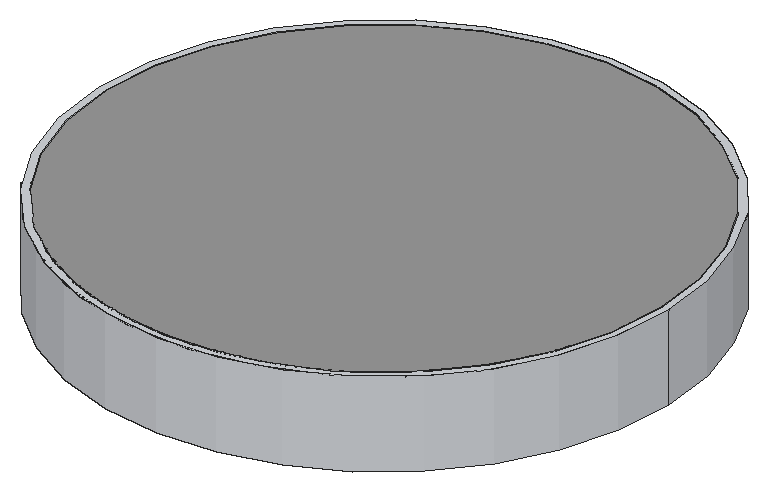
Revit family "2071335", category Lighting Fixtures, host Face, Revit 2018
Family settings
  Host = Face
  Round Connector Dimension = Use Diameter
  Part Type = Normal
  OmniClass Number = 23.80.70.00
  OmniClass Title = Lighting
  Cut with Voids When Loaded = No
  Light Source = Yes
  Shared = No
  Room Calculation Point = No
Parameters (values of type "2071335 COLOSSAL 400 HO 840 OP DIR+H WHT DALI")
  iner diameter = 390 mm
  Weight = "n/a"
  Wattage Comments = ""
  Wattage = 30 W
  WarrantyStartDate [instance] = "n/a"
  WarrantyGuarantorParts = "n/a"
  WarrantyDurationUnit = "n/a"
  WarrantyDurationParts = ""
  WarrantyDescription = "http://www.sylvania-lighting.com"
  built-in parameter 1150110 = 1 (stored number, unit not read)
  Voltage = 230 V
  URL = "0.95"
  TypeName = "COLOSSAL 400mm HO 840 OPAL DIR+HAL WHITE DALI"
  Type Image = <None>
  Type Comments = "n/a"
  built-in parameter 1114217 = 1 (stored number, unit not read)
  Tilt Angle = -90.00°
  built-in parameter 1150109 = 1 (stored number, unit not read)
  built-in parameter 1150134 = (empty or 0)
  built-in parameter 1150113 = 1 (stored number, unit not read)
  SerialNumber [instance] = "n/a"
  Photometric Web File = "2071335.ies"
  Material_3_SYL = LED-Sylvania
  PowerFactor = 0
  PowerConsumption = "Lighting"
  NominalLength = 400 mm
  NominalHeight = 93 mm
  NominalDepth = 400 mm
  Name = "COLOSSAL 400mm HO 840 OPAL DIR+HAL WHITE DALI"
  ModelReference = Name  # "COLOSSAL 400mm HO 840 OPAL DIR+HAL WHITE DALI"
  ModelNumber = "2071335"
  Model = Name  # "COLOSSAL 400mm HO 840 OPAL DIR+HAL WHITE DALI"
  Material = "Feilo Sylvania"
  ManufacturerName = "132 lm/W"
  Manufacturer = ""
  LuminousEfficacy = ""
  built-in parameter 1150105 = 270.44 (stored number, unit not read)
  Lumens = 3398.4 lm
  LuminaireType = "0"
  built-in parameter 1150115 = 1 (stored number, unit not read)
  LightOutputRatio = "LED"
  built-in parameter 1150137 = (empty or 0)
  built-in parameter 1150139 = (empty or 0)
  LampsType = Lamp  # "n/a"
  LampNominalLuminous = "4000 K"
  LampMacAdamStep = "80"
  LampColourTemperature = "LED"
  LampColourRenderingIndex = "16500"
  built-in parameter 1150112 = 1 (stored number, unit not read)
  built-in parameter 1150114 = 1 (stored number, unit not read)
  Lamp = "n/a"
  Keynote = "n/a"
  InstallationDate [instance] = "n/a"
  InputVoltage = "0"
  InputNominalFrequency = "4000"
  built-in parameter 1150132 = (empty or 0)
  built-in parameter 1150102 = (empty or 0)
  built-in parameter 1150107 = 3000 (stored number, unit not read)
  built-in parameter 1150138 = (empty or 0)
  IngressProtection = "IfcLightFixtureType"
  ImpactProtectionIndex = "IfcLightFixtureType"
  built-in parameter 1150106 = 2.7044 (stored number, unit not read)
  IfcExportType = "IfcLightFixtureType"
  IfcExportAs = "Class I"
  Emit from Circle Diameter = 385 mm
  Emit Shape Visible in Rendering = no
  ElectricShockClassification = "132"
  built-in parameter 1150104 = 10.524 (stored number, unit not read)
  DocumentationLiterature = "http://www.sylvania-lighting.com/product/en-int/products/2071335"
  DimmingControlOptions = "n/a"
  Material_2_SYL = Polycarbonate_Sylvania_White
  Dimming Lamp Color Temperature Shift = <None>
  Description = "400mm diameter circular architectural luminaire, can be surface mounted or suspended. Powder coated aluminium housing (RAL9016) with polycarbonate opal diffuser. Direct/indirect (halo) light distribution, 3560lm luminuous flux, 27W system power, 132lm/W luminiaire efficacy. DALI dimmable. Colour rendering index Ra >80, 4000K Neutral White LED, chromaticity tolerance of 3-step MacAdam ellipse. IP40, IK03. 600mA drive current. Electrical protection Class1, 220-240V. Reported lifetime 66k hours L90B10."
  Default Elevation = 1219.2 mm
  CreatedOn = "22/03/2022"
  CreatedBy = "@sylvania-lighting.com"
  Cost = 0
  Color Filter = 16777215
  built-in parameter 1114216 [instance] = (empty or 0)
  ClassificationValue = "EF_70_80"
  ClassificationName = "Uniclass2015"
  Material_1_SYL = Polycarbonate_Sylvania_Opal
  BarCode [instance] = "n/a"
  built-in parameter 1114218 = 1 (stored number, unit not read)
  built-in parameter 1150133 = 10 (stored number, unit not read)
  AssetType = "Fixed"
  AssetIdentifier [instance] = "n/a"
  Assembly Code = "D5020200"
  Apparent Load = 27 VA
  Material_4_SYL = none
Reference planes
  plane 1 "Center (Front/Back)": y = 0
  plane 2: z = 0
  plane 3 "Center (Left/Right)": x = 0
  plane 4: x = -200
  plane 5: x = 200
  plane 6: y = 200
  plane 7: y = -200
  plane 8: y = 236
  plane 9: y = -236
  plane 10: z = 93
  plane 11: y = 195
  plane 12: y = -195
  plane 13: y = 90.5
  plane 14: y = 144.5
  plane 15: through (52.25, 90.5, 1219.2) normal (0.866, 0.5, 0)
  plane 16: through (52.25, 90.5, 1219.2) normal (0.866, 0.5, 0)
  plane 17: through (63.706, 126.657, 1219.2) normal (0.866, 0.5, 0)
  plane 18: through (-104.5, 0, 1219.2) normal (-0.866, 0.5, 0)
  plane 19: through (-142.394, -9.633, 1219.2) normal (-0.866, 0.5, 0)
  plane 20: y = -90.5
  plane 21: y = -118.5
  plane 22: through (85.371, -141.133, 1219.2) normal (-0.866, 0.5, 0)
  plane 23: through (52.25, -90.5, 1219.2) normal (-0.866, 0.5, 0)
  plane 24: through (-161.658, 0, 1219.2) normal (0.866, 0.5, 0)
  plane 25: through (-172.12, 9.121, 1219.2) normal (0.866, 0.5, 0)
  plane 26: through (-104.5, 0, 1219.2) normal (0.866, 0.5, 0)
Forms (mm)
  Extrusion 1, solid, detail levels medium+fine
    sketch origin (0, 0, 0) x (1, 0, 0) y (0, 1, 0)
      loop
        circle (0, 0) r 200
    from 33.023 to 93
  Extrusion 2, void
    sketch origin (0, 0, 0) x (1, 0, 0) y (0, 1, 0)
      loop
        circle (0, 0) r 195
    from 93 to 37.292
  Extrusion 3, solid, material "Glass, White, High Luminance", detail levels fine
    sketch origin (0, 0, 0) x (1, 0, 0) y (0, 1, 0)
      loop
        circle (0, 0) r 195
    from 88.026 to 93
  Extrusion 4, solid, detail levels coarse
    sketch origin (0, 0, 0) x (1, 0, 0) y (0, 1, 0)
      loop
        line (-200, 200) -> (-200, -200) -> (200, -200) -> (200, 200) -> (-200, 200)
    from 0 to 93
  Blend 5, solid, detail levels medium+fine
    base sketch origin (0, 0, 0) x (1, 0, 0) y (0, 1, 0)
      loop
        line (-52.25, 90.5) -> (-104.5, 0) -> (-52.25, -90.5) -> (52.25, -90.5) -> (104.5, 0) -> (52.25, 90.5) -> (-52.25, 90.5)
    top sketch origin (0, 0, 0) x (1, 0, 0) y (0, 1, 0)
      loop
        line (-53.405, 144.5) -> (-149.245, -21.5) -> (-93.242, -118.5) -> (98.438, -118.5) -> (151.843, -26) -> (53.405, 144.5) -> (-53.405, 144.5)
    from 0 to 33.023
Cuts and joins
  Extrusion 2 cuts Extrusion 1
Dimensions and locks
  "NominalDepth": plane 6 to plane 7
  "NominalLength": plane 4 to plane 5
  equal spacing: plane 4, plane 3 "Center (Left/Right)", plane 5
  "iner diameter": plane 11 to plane 12
  equal spacing: plane 11, plane 1 "Center (Front/Back)", plane 12
  equal spacing: plane 6, plane 1 "Center (Front/Back)", plane 7
  "NominalHeight": plane 10 to level
  plane 19 to plane 18 = 28 mm
  radius of Extrusion 2 sketch curve = 195 mm
  aligned and locked: plane 2 to host face
  aligned and locked: level to host face
Automatic sketch dimensions
  host sketch curve to host sketch curve = 2438.4 mm  (x2)
  plane 1 "Center (Front/Back)" to Extrusion 1 sketch curve = 0 mm
  Extrusion 1 sketch curve to plane 3 "Center (Left/Right)" = 0 mm
  plane 1 "Center (Front/Back)" to Extrusion 2 sketch curve = 0 mm
  Extrusion 2 sketch curve to plane 3 "Center (Left/Right)" = 0 mm
  plane 1 "Center (Front/Back)" to Extrusion 3 sketch curve = 0 mm
  Extrusion 3 sketch curve to plane 3 "Center (Left/Right)" = 0 mm
  Extrusion 4 sketch curve to plane 4 = 0 mm
  Extrusion 4 sketch curve to plane 5 = 0 mm
  Extrusion 4 sketch curve to plane 7 = 0 mm
  Extrusion 4 sketch curve to plane 6 = 0 mm
  Blend 5 sketch curve to plane 19 = 0 mm  (x2)
  Blend 5 sketch curve to plane 24 = 0 mm  (x2)
  Blend 5 sketch curve to plane 21 = 0 mm
  Blend 5 sketch curve to plane 14 = 0 mm
  Blend 5 sketch curve to plane 17 = 0 mm  (x2)
  Blend 5 sketch curve to plane 22 = 0 mm  (x2)
  radius of Extrusion 1 sketch curve = 200 mm
  radius of Extrusion 3 sketch curve = 195 mm
Connectors
  electrical at (0, 0, 0), driven by "Apparent Load", driven by "PowerFactor", driven by "Voltage"
    settings: index 1, voltage 230 V, apparent load 27 VA, apparent load phase1 0 VA, apparent load phase2 0 VA, apparent load phase3 0 VA, power factor 0, load classification "Lighting", number of poles 1, system type 30, power factor state 1, is connector primary yes, connector utility no, sub classification motor no, connector description ""
